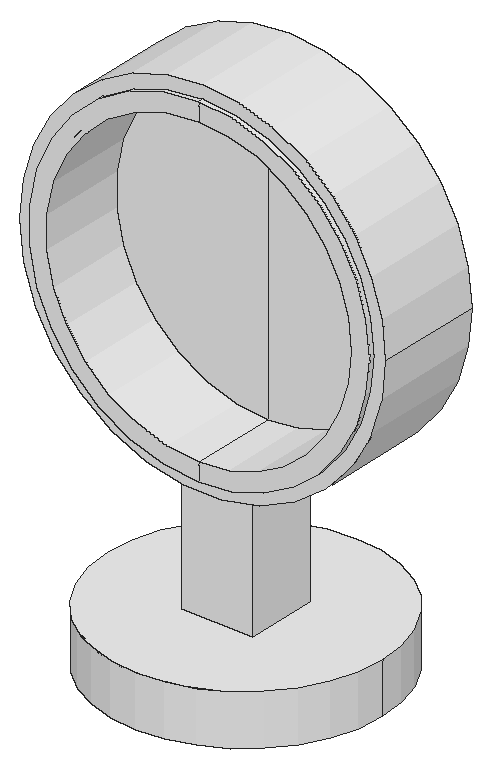
Revit family "Furniture-Grohe-Essentials-Holder-12-METRIC", category Furniture, host Face, Revit 2012
Parameters (values of type "40 369 000 - Chrome")
  _distributed by = "www.bimstore.co.uk"
  _current revision = 1
  _created date = "September 2013"
  _created by = "Ryan Wigham"
  _BIMspec_GUID = 0
  Width = 35 mm  # constant formula
  WarrantyStartDate = ""
  WarrantyGuarantorParts = ""
  WarrantyGuarantorLabor = ""
  WarrantyDurationUnit = ""
  WarrantyDurationParts = ""
  WarrantyDurationLabor = ""
  WarrantyDuration = ""
  WarrantyDescription = ""
  Warranty Infomation = "N/A"
  Uniclass2 = ""
  URL = "www.grohe.com"
  Type Comments = "Essentials Holder"
  TagNumber = 0
  SpareParts = ""
  Soap Dish Visibility [instance] = yes
  SerialNumber = 0
  ReplacementCost = ""
  Product Page URL = "http://projects.grohe.com/m/25_75175/page/modules/pn/article.php?part=view&action=websearch&product=40369G163"
  Product Documentation Link = "http://projects.grohe.com/lib/1/tpi/1270848.pdf"
  Name = Model  # "Essentials Holder 40369 000"
  ModelNumber = Model  # "Essentials Holder 40369 000"
  Model = "Essentials Holder 40369 000"
  Material = Grohe-Chrome
  Masterformat Title [instance] = "Residential Faucets, Supplies, and Trim"
  Masterformat Number [instance] = "22 41 39"
  Manufacturer = "Grohe AG"
  MaintenanceInformation = "http://projects.grohe.com/lib/1/tpi/1734224.pdf"
  Length = 42 mm  # constant formula
  Keynote = "N13"
  InstallationDate = ""
  Industry Standards = "N/A"
  Height = 28 mm  # constant formula
  ExpectedLife = 0
  Ecojoy = no
  DurationUnit = ""
  Description = "Essentials Holder"
  Default Elevation = 600 mm
  CreatedOn = ""
  CreatedBy = ""
  Cost = 0
  Contact Grohe = "GROHE Limited, World Business Centre 2, Newall Road, London Heathrow Airport, Hounslow, Middlesex, TW6 2SF - Tel: +44 (0) 871 200 3414 - Fax: +44 (0) 871 200 3415 - EMail: info-uk@grohe.com"
  Barcode = 0
  AssetType = "Fixed"
  Assembly Code = "C1030220"
  AccessibilityPerformance = ""
  ADA Compliant = no
Types (3, lengths in mm): name | Material
  (no name) | Grohe-Chrome
  40 369 000 - Chrome | Grohe-Chrome
  40 369 EN0 - Brushed Nickel | Grohe-Brushed_Nickel
Reference planes
  plane 1 "Center (Front/Back)": y = 0
  plane 2: z = 0
  plane 3 "Center (Left/Right)": x = 0
Forms (mm)
  Extrusion 1, solid, material "Grohe-Chrome" <- "Material"
    sketch origin (0, 0, 0) x (1, 0, 0) y (0, 1, 0)
      loop
        circle (0, 0) r 27
    from 0 to 10
  Extrusion 2, solid, material "Grohe-Chrome" <- "Material"
    sketch origin (47.019, 0, 10) x (1, 0, 0) y (0, 1, 0)
      loop
        line (-40.019, 7) -> (-54.019, 7) -> (-54.019, -7) -> (-40.019, -7) -> (-40.019, 7)
    from 0 to 25
  Extrusion 3, solid, material "Grohe-Chrome" <- "Material"
    sketch origin (0, 8, 0) x (1, 0, 0) y (0, 0, 1)
      loop
        circle (0, 70.313) r 36
      loop
        circle (0, 70.313) r 31
    from -2.5 to 18.5
  Revolve 4, solid, material "Grohe-Chrome" <- "Material", visible <- "Soap Dish Visibility"
    sketch origin (0, 0, 0) x (0, 1, 0) y (0, 0, 1)
      loop
        line (10.5, 101.313) -> (-10.5, 101.313) -> (-10.5, 103.813) -> (-11.5, 103.813) -> (-11.5, 100.313) -> (5.5, 100.313) -> (5.5, 70.313) -> (6.5, 70.313) -> (6.5, 100.313) -> (11.5, 100.313) -> (11.5, 103.813) -> (10.5, 103.813) -> (10.5, 101.313)
      axis (-11.5, 70.313) -> (11.5, 70.313)
    angle from 0 to 360
Cuts and joins
  joined: Extrusion 2, Extrusion 3
Dimensions and locks
  aligned and locked: plane 2 to host face
  aligned and locked: level to host face
